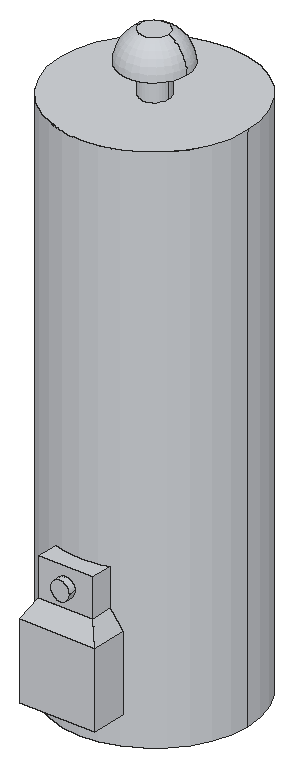
Revit family "Water Heater", category Plumbing Equipment, Revit 2023
Family settings
  Round Connector Dimension = Use Radius
  Classification = None
  Part Type = Normal
  OmniClass Number = 23.65.35.11.11
  OmniClass Title = Storage Water Heaters
  Work Plane-Based = No
  Always vertical = Yes
  Cut with Voids When Loaded = No
  Maintain Annotation Orientation = No
  Shared = No
  Room Calculation Point = No
Parameters (values of type "40 Gallon")
  Water Heater Radius = 0' - 10"
  Water Heater Material = none
  Water Heater Height = 4' - 9"
  Sanitary Radius = 1/4"
  Sanitary Diameter = Sanitary Radius * 2  # 1/2"
  Voltage = 240 V
  Vent Radius = 1 1/2"
  Vent Diameter = Vent Radius * 2  # 3"
  Number of Poles = 2
  Load Classification = Appliance - Dwelling Unit
  Hot Water Radius = 3/8"
  Hot Water Diameter = Hot Water Radius * 2  # 3/4"
  Default Elevation = 0' - 0"
  Cold Water Radius = 3/8"
  Cold Water Diameter = Cold Water Radius * 2  # 3/4"
  Apparent Load = 4500 VA
Types (5): name | Water Heater Radius | Water Heater Height | Vent Radius | Vent Diameter | Hot Water Radius | Hot Water Diameter | Cold Water Radius | Cold Water Diameter
  40 Gallon | 0' - 10" | 4' - 9" | 1 1/2" | 3" | 3/8" | 3/4" | 3/8" | 3/4"
  50 Gallon | 0' - 11" | 4' - 9 3/4" | 1 1/2" | 3" | 3/8" | 3/4" | 3/8" | 3/4"
  75 Gallon | 1' - 0 3/4" | 4' - 10 3/4" | 2" | 4" | 1/2" | 1" | 1/2" | 1"
  100 Gallon | 1' - 1 1/4" | 5' - 6 3/4" | 2" | 4" | 5/8" | 1 1/4" | 5/8" | 1 1/4"
  Water Heater | 0' - 10" | 4' - 9" | 1 1/2" | 3" | 3/8" | 3/4" | 3/8" | 3/4"
Reference planes (in)
  plane 1 "Center (Front/Back)": y = 0
  plane 2: z = 0
  plane 3 "Center (Left/Right)": x = 0
  plane 4: z = 57
  plane 5: z = 60
  plane 6: z = 3
  plane 7: z = 11
  plane 8: z = 13
  plane 9: z = 17
  plane 10: x = -4
  plane 11: x = 4
  plane 12: y = -10
  plane 13: y = -12.90625
  plane 14: x = -2.875
  plane 15: x = 2.875
  plane 16: y = -11.84375
  plane 17: z = 15
  plane 18: y = -12.59375
  plane 19: x = -10
  plane 20: x = 10
  plane 21: x = -6
  plane 22: x = 6
  plane 23: x = 1.5
  plane 24: x = -1.5
  plane 25: z = 63.16228
Forms (in)
  Extrusion 1, solid, material <- "Water Heater Material"
    sketch origin (0, 0, 0) x (1, 0, 0) y (0, 1, 0)
      loop
        circle (0, 0) r 10
    from 0 to 57
  Extrusion 2, solid, material <- "Water Heater Material"
    sketch origin (32.60646, 0, 63.5) x (1, 0, 0) y (0, 1, 0)
      loop
        circle (-32.60646, 0) r 1.5
    from -6.5 to -0.33772
  Extrusion 3, solid, material <- "Water Heater Material"
    sketch origin (32.60646, 0, 63.5) x (1, 0, 0) y (0, 1, 0)
      loop
        line (-36.60646, -9.16515) -> (-36.60646, -12.90625) -> (-28.60646, -12.90625) -> (-28.60646, -9.16515)
        arc (-28.60646, -9.16515) -> (-32.60646, -10) -> (-36.60646, -9.16515) r 10
    from -60.5 to -52.5
  Extrusion 4, solid, material <- "Water Heater Material"
    sketch origin (32.60646, 0, 63.5) x (1, 0, 0) y (0, 1, 0)
      loop
        line (-35.48146, -9.57781) -> (-35.48146, -11.84375) -> (-29.73146, -11.84375) -> (-29.73146, -9.57781)
        arc (-29.73146, -9.57781) -> (-32.60646, -10) -> (-35.48146, -9.57781) r 10
    from -50.5 to -46.5
  Blend 5, solid, material <- "Water Heater Material"
    base sketch origin (32.60646, 0, 63.5) x (1, 0, 0) y (0, 1, 0)
      loop
        line (-35.48146, -9.57781) -> (-35.48146, -11.84375) -> (-29.73146, -11.84375) -> (-29.73146, -9.57781)
        arc (-29.73146, -9.57781) -> (-32.60646, -10) -> (-35.48146, -9.57781) r 10
    top sketch origin (32.60646, 0, 63.5) x (1, 0, 0) y (0, 1, 0)
      loop
        line (-36.60646, -9.16515) -> (-36.60646, -12.90625) -> (-28.60646, -12.90625) -> (-28.60646, -9.16515)
        arc (-28.60646, -9.16515) -> (-32.60646, -10) -> (-36.60646, -9.16515) r 10
    from -50.5 to -52.5
  Extrusion 6, solid, material <- "Water Heater Material"
    sketch origin (0, 0, 0) x (1, 0, 0) y (0, 0, 1)
      loop
        circle (0, 15) r 1
    from 12.59375 to 11.84375
  Revolve 7, solid, material <- "Water Heater Material"
    sketch origin (0, 0, 0) x (1, 0, 0) y (0, 0, 1)
      loop
        arc (3.5, 60) -> (2.95804, 61.87083) -> (1.5, 63.16228) r 3.5
        line (1.5, 63.16228) -> (1.5, 60) -> (3.5, 60)
      axis (0, 63.16228) -> (0, 60)
    angle from 0 to 360
  Extrusion 8, solid, material <- "Water Heater Material"
    sketch origin (15.29996, 0, 63.5) x (1, 0, 0) y (0, 1, 0)
      loop
        circle (-21.29996, 0) r 0.5
    from -7.58256 to -6.5
  Extrusion 9, solid, material <- "Water Heater Material"
    sketch origin (-15.29996, 0, 63.5) x (-1, 0, 0) y (0, -1, 0)
      loop
        circle (-21.29996, 0) r 0.5
    from -7.58256 to -6.5
  Extrusion 10, solid, material <- "Water Heater Material"
    sketch origin (15.29996, 0, 63.5) x (1, 0, 0) y (0, 1, 0)
      loop
        circle (-15.29996, 0) r 0.25
    from -1 to -0.33772
Cuts and joins
  joined: Extrusion 2, Extrusion 3, Extrusion 4, Extrusion 6, Revolve 7, Extrusion 10
  joined: Extrusion 1, Extrusion 8, Extrusion 9
Lines and regions (in)
  symbolic lines
    curve 1: circle (0, 0, 63.5) r 10 normal (0, 0, 1)
  symbolic lines, detail levels fine
    curve 2: circle (0, 0, 63.5) r 1.5 normal (0, 0, 1)
    curve 3: circle (0, 0, 63.5) r 3.5 normal (0, 0, 1)
    curve 4: line (-4, -9.16515, 63.5) -> (-4, -12.90625, 63.5)
    curve 5: line (-4, -12.90625, 63.5) -> (4, -12.90625, 63.5)
    curve 6: line (4, -12.90625, 63.5) -> (4, -9.16515, 63.5)
    curve 7: line (2.875, -9.57781, 63.5) -> (2.875, -11.84375, 63.5)
    curve 8: line (2.875, -11.84375, 63.5) -> (-2.875, -11.84375, 63.5)
    curve 9: line (-2.875, -11.84375, 63.5) -> (-2.875, -9.57781, 63.5)
    curve 10: line (-2.875, -11.84375, 63.5) -> (-3.93566, -12.90441, 63.5)
    curve 11: line (2.875, -11.84375, 63.5) -> (3.9375, -12.90625, 63.5)
    curve 12: line (-1, -12.59375, 63.5) -> (1, -12.59375, 63.5)
    curve 13: line (1, -12.59375, 63.5) -> (1, -11.84375, 63.5)
    curve 14: line (-1, -12.59375, 63.5) -> (-1, -11.84375, 63.5)
Dimensions and locks (in)
  "Water Heater Height": plane 4 to plane 2
  plane 5 to plane 4 = 0' - 3"
  locked: plane 2 to plane 6 at 3
  plane 6 to plane 7 = 0' - 8"
  locked: plane 7 to plane 8 at 2
  locked: plane 8 to plane 9 at 4
  locked: plane 10 to plane 3 "Center (Left/Right)" at 4
  locked: plane 11 to plane 3 "Center (Left/Right)" at 4
  "Water Heater Radius": plane 12 to plane 1 "Center (Front/Back)"
  locked: plane 14 to plane 3 "Center (Left/Right)" at 2.875
  locked: plane 3 "Center (Left/Right)" to plane 15 at 2.875
  locked: plane 13 to plane 12 at 2.90625
  locked: plane 12 to plane 16 at 1.84375
  locked: plane 16 to plane 18 at 0.75
  "Water Heater Radius": plane 19 to plane 3 "Center (Left/Right)"
  "Water Heater Radius": plane 20 to plane 3 "Center (Left/Right)"
  locked: plane 19 to plane 21 at 4
  locked: plane 22 to plane 20 at 4
  locked: plane 5 to plane 25 at 3.16228
  "Water Heater Radius": radius of Extrusion 1 sketch curve
  "Water Heater Radius": radius of Extrusion 3 sketch curve
  "Water Heater Radius": radius of Extrusion 4 sketch curve
  "Water Heater Radius": radius of Blend 5 sketch curve  (x2)
  "Water Heater Radius": radius of curve 1
  radius of curve 2 = 0' - 1 1/2"
  radius of curve 3 = 0' - 3 1/2"
  aligned and locked: plane 4 to Extrusion 1
  aligned and locked: Extrusion 2 to plane 4
  aligned and locked: plane 3 "Center (Left/Right)" to Extrusion 2 sketch curve
  aligned and locked: plane 1 "Center (Front/Back)" to Extrusion 2 sketch curve
  aligned and locked: plane 1 "Center (Front/Back)" to Extrusion 3 sketch curve
  aligned and locked: plane 3 "Center (Left/Right)" to Extrusion 3 sketch curve
  aligned and locked: Extrusion 3 sketch curve to plane 13
  aligned and locked: plane 11 to Extrusion 3 sketch curve
  aligned and locked: Extrusion 3 sketch curve to plane 10
  aligned and locked: Extrusion 3 to plane 6
  aligned and locked: plane 7 to Extrusion 3
  aligned and locked: Extrusion 4 sketch curve to plane 14
  aligned and locked: plane 15 to Extrusion 4 sketch curve  (x2)
  aligned and locked: Extrusion 4 sketch curve to plane 16
  aligned and locked: Extrusion 4 to plane 8
  aligned and locked: plane 9 to Extrusion 4
  aligned and locked: plane 15 to Blend 5 sketch curve  (x2)
  aligned and locked: plane 14 to Blend 5 sketch curve
  aligned and locked: plane 3 "Center (Left/Right)" to Blend 5 sketch curve  (x2)
  aligned and locked: plane 1 "Center (Front/Back)" to Blend 5 sketch curve  (x2)
  aligned and locked: Blend 5 sketch curve to plane 16
  aligned and locked: plane 11 to Blend 5 sketch curve  (x2)
  aligned and locked: Blend 5 sketch curve to plane 13
  aligned and locked: Blend 5 to plane 8
  aligned and locked: Blend 5 to plane 7
  aligned and locked: Extrusion 6 to plane 18
  aligned and locked: plane 16 to Extrusion 6
  aligned and locked: plane 25 to Extrusion 2
  aligned and locked: plane 3 "Center (Left/Right)" to Revolve 7 sketch curve
  aligned and locked: plane 5 to Revolve 7 sketch curve  (x3)
  aligned and locked: plane 23 to Revolve 7 sketch curve
  aligned and locked: plane 10 to Blend 5 sketch curve
  aligned and locked: plane 3 "Center (Left/Right)" to curve 1
  aligned and locked: plane 1 "Center (Front/Back)" to curve 1
  aligned and locked: plane 3 "Center (Left/Right)" to curve 2
  aligned and locked: plane 1 "Center (Front/Back)" to curve 2
  aligned and locked: plane 3 "Center (Left/Right)" to curve 3
  aligned and locked: plane 1 "Center (Front/Back)" to curve 3
  aligned and locked: cut or joined group of Extrusion 2, Extrusion 3, Extrusion 4, Extrusion 6, Revolve 7, Extrusion 10 to plane 10
  aligned and locked: cut or joined group of Extrusion 2, Extrusion 3, Extrusion 4, Extrusion 6, Revolve 7, Extrusion 10 to plane 13
  aligned and locked: plane 15 to cut or joined group of Extrusion 2, Extrusion 3, Extrusion 4, Extrusion 6, Revolve 7, Extrusion 10
  aligned and locked: plane 11 to cut or joined group of Extrusion 2, Extrusion 3, Extrusion 4, Extrusion 6, Revolve 7, Extrusion 10
  aligned and locked: plane 13 to curve 11
  aligned and locked: plane 16 to curve 11
  aligned and locked: cut or joined group of Extrusion 2, Extrusion 3, Extrusion 4, Extrusion 6, Revolve 7, Extrusion 10 to plane 16
  aligned and locked: plane 15 to curve 7
  aligned and locked: plane 14 to curve 9
  aligned and locked: plane 21 to Extrusion 8 sketch curve
  aligned and locked: plane 1 "Center (Front/Back)" to Extrusion 8 sketch curve
  aligned and locked: Extrusion 1 to Extrusion 8
  aligned and locked: plane 3 "Center (Left/Right)" to Extrusion 10 sketch curve
  aligned and locked: plane 1 "Center (Front/Back)" to Extrusion 10 sketch curve
  aligned and locked: plane 4 to Extrusion 9
  aligned and locked: plane 25 to Extrusion 10
Automatic sketch dimensions
  Extrusion 1 sketch curve to plane 1 "Center (Front/Back)" = 0' - 0"
  Extrusion 1 sketch curve to plane 3 "Center (Left/Right)" = 0' - 0"
  curve 4 to plane 10 = 0' - 0"
  curve 14 to plane 18 = 0' - 0"
  curve 6 to plane 11 = 0' - 0"
  curve 6 to plane 13 = 0' - 0"
  plane 13 to curve 10 = 0' - 0.00184"
  plane 10 to curve 10 = 0' - 0.06434"
  curve 14 to plane 24 = 0' - 0 1/2"
  plane 23 to curve 13 = 0' - 0 1/2"
  curve 11 to plane 11 = 0' - 0 1/16"
  Extrusion 4 sketch curve to plane 1 "Center (Front/Back)" = 0' - 0"
  Extrusion 4 sketch curve to plane 3 "Center (Left/Right)" = 0' - 0"
  Extrusion 6 sketch curve to plane 3 "Center (Left/Right)" = 0' - 0"
  Extrusion 6 sketch curve to plane 17 = 0' - 0"
  Revolve 7 sketch curve to plane 3 "Center (Left/Right)" = 0' - 0"
  Revolve 7 sketch curve to plane 5 = 0' - 0"
  Revolve 7 sketch curve to plane 25 = 0' - 0"  (x2)
  Extrusion 9 sketch curve to plane 1 "Center (Front/Back)" = 0' - 0"
  Extrusion 9 sketch curve to plane 22 = 0' - 0"
  radius of Extrusion 2 sketch curve = 0' - 1 1/2"
  radius of Extrusion 6 sketch curve = 0' - 1"
  radius of Extrusion 8 sketch curve = 0' - 0 1/2"
  radius of Extrusion 9 sketch curve = 0' - 0 1/2"
  radius of Extrusion 10 sketch curve = 0' - 0 1/4"
Connectors (in)
  piping at (6, 0, 57), diameter 0.75, driven by "Cold Water Radius"
    settings: on Extrusion 9, index 1, connector inside diameter 3/4", connector length 0' - 0", flow factor 0, pipe flow 0.000 GPM, pressure drop 0.00 psi, fitting loss kfactor 0, connector angle 0.00°, fixture units 0, engagement length 0' - 0", angle of deflection 0.00°, flow configuration 1, flow direction 1, fitting loss method 0, system type 20, joint type 0, gender type 0, connector reference index 2, connector utility 0, adjustable connector no, is connector primary yes, connector description "In"
  piping at (-6, 0, 57), diameter 0.75, driven by "Hot Water Radius"
    settings: on Extrusion 8, index 2, connector inside diameter 3/4", connector length 0' - 0", flow factor 0, pipe flow 0.000 GPM, pressure drop 0.00 psi, fitting loss kfactor 0, connector angle 0.00°, fixture units 0, engagement length 0' - 0", angle of deflection 0.00°, flow configuration 0, flow direction 2, fitting loss method 0, system type 19, joint type 0, gender type 0, connector reference index 1, connector utility 0, adjustable connector no, is connector primary no, connector description "Out"
  piping at (-2.875, -10.71078, 15), diameter 0.5, driven by "Sanitary Radius"
    settings: on cut or joined group of Extrusion 2, Extrusion 3, Extrusion 4, Extrusion 6, Revolve 7, Extrusion 10, index 3, connector inside diameter 1/2", connector length 0' - 0", flow factor 0, pipe flow 0.000 GPM, pressure drop 0.00 psi, fitting loss kfactor 0, connector angle 0.00°, fixture units 0, engagement length 0' - 0", angle of deflection 0.00°, flow configuration 1, flow direction 2, fitting loss method 0, system type 16, joint type 0, gender type 0, connector reference index -1, connector utility 0, adjustable connector yes, is connector primary no, connector description "Out"
  hvac at (0, 0, 63.16228), driven by "Vent Radius"
    settings: on Extrusion 10, index 4, duct flow 0 CFM, flow factor 0, pres drop 0.00 in-wg, loss coef 0, conn angle 0.00°, conn width 12", conn height 12", conn diameter 3", duct sys type 3, conn prof type 0, flow config 1, flow direction 2, loss method 0, conn ref index -1, conn util no, is conn primary yes, conn desc ""
  electrical at (2.875, -10.71078, 15), driven by "Apparent Load", driven by "Voltage", driven by "Number of Poles", driven by "Load Classification"
    settings: on cut or joined group of Extrusion 2, Extrusion 3, Extrusion 4, Extrusion 6, Revolve 7, Extrusion 10, index 5, voltage 240 V, apparent load 4500 VA, apparent load phase1 0 VA, apparent load phase2 0 VA, apparent load phase3 0 VA, power factor 0.8, load classification "Appliance - Dwelling Unit", number of poles 2, system type 30, power factor state 1, is connector primary yes, connector utility no, sub classification motor no, connector description ""
